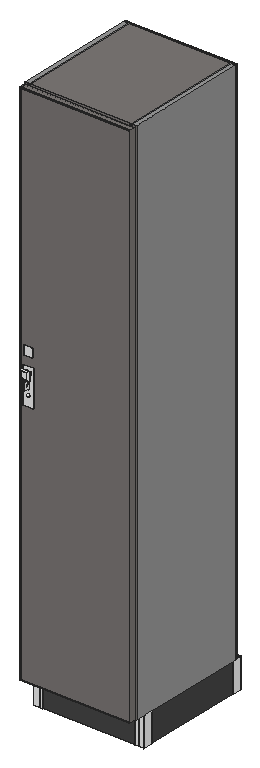
Revit family "Wood_Lockers_Hasps-Salsbury_Industries-15_41000_Series-1_Wide_Units.rfa", category Specialty Equipment, Revit 2016 (continued)
Definition of nested family "Wood Locker Sloping Hoods"
  Types (20): name | Width | Visible | Version | Type Comments | Model | Manufacturer | Height | Description | Depth
    44359 - for 15" Deep Lockers (3 Wide) | 36.000" | yes | "1.0 (12/15/23)" | "Sloping Hood for Premier Wood Lockers" | "44359" | "Salsbury Industries" | 5.743" | "For 15\" D - 3 Wide Lockers" | 14.625"
    44356 - for 18" Deep Lockers (3 Wide) | 36.000" | yes | "1.0 (12/15/23)" | "Sloping Hood for Premier Wood Lockers" | "44356" | "Salsbury Industries" | 6.868" | "For 18\" D - 3 Wide Lockers" | 17.625"
    44354 - for 21" Deep Lockers (3 Wide) | 36.000" | yes | "1.0 (12/15/23)" | "Sloping Hood for Premier Wood Lockers" | "44354" | "Salsbury Industries" | 7.993" | "For 21\" D - 3 Wide Lockers" | 20.625"
    44255 - for 24" Deep Lockers (1 Wide) | 15.000" | yes | "1.0 (12/15/23)" | "Sloping Hood for Premier Wood Lockers" | "44255" | "Salsbury Industries" | 9.118" | "For 24\" D - 1 Wood Lockers" | 23.625"
    442257 - for 24" Deep Lockers (3 Wide) | 45.000" | yes | "1.0 (12/15/23)" | "Sloping Hood for Premier Wod Lockers" | "44257" | "Salsbury Industries" | 9.118" | "For 24\" D - 3 Wide Lockers" | 23.625"
    44252 - for 21" Deep Lockers (1 Wide) | 15.000" | yes | "1.0 (12/15/23)" | "Sloping Hood for 15\" Wide Premier Wood Lockers" | "44252" | "Salsbury Industries" | 7.993" | "For 21\" D - 1 Wide Lockers" | 20.625"
    44254 - for 21" Deep Lockers (3 Wide) | 45.000" | yes | "1.0 (12/15/23)" | "Sloping Hood for 15\" Wide Premier Wood Lockers" | "44254" | "Salsbury Industries" | 7.993" | "For 21\" D - 3 Wide Lockers" | 20.625"
    44251 - for 18" Deep Lockers (1 Wide) | 15.000" | yes | "1.0 (12/15/23)" | "Sloping Hood for 15\"Wide Premier Wood Lockers" | "44251" | "Salsbury Industries" | 6.868" | "For 18\" D - 1 Wide Lockers" | 17.625"
    44253 - for 18" Deep Lockers (3 Wide) | 45.000" | yes | "1.0 (12/15/23)" | "Sloping Hood for 15\" Wide Premier Wood Lockers" | "44253" | "Salsbury Industries" | 6.868" | "For 18\" D - 3 Wide Lockers" | 17.625"
    None | 12.000" | no | "" | "" | "" | "" | 5.743" | "" | 14.625"
    44818 - for 18" Deep Lockers (1 Wide) | 18.000" | yes | "1.0 (12/15/23)" | "Sloping Hood for Premier Wood Lockers" | "44818" | "Salsbury Industries" | 6.868" | "For 18\" D - 1 Wide Lockers" | 17.625"
    44811- for 21" Deep Lockers (1 Wide) | 18.000" | yes | "1.0 (12/15/23)" | "Sloping Hood for Premier Wood Lockers" | "44811" | "Salsbury Industries" | 7.993" | "For 21\" D - 1 Wide Lockers" | 20.625"
    44814- for 24" Deep Lockers (1 Wide) | 18.000" | yes | "1.0 (12/15/23)" | "Sloping Hood for Premier Wood Lockers" | "44814" | "Salsbury Industries" | 9.118" | "For 24\" D - 1 Wide Lockers" | 23.625"
    44838- for 18" Deep Lockers (3 Wide) | 54.000" | yes | "1.0 (12/15/23)" | "Sloping Hood for Premier Wood Lockers" | "44838" | "Salsbury Industries" | 6.868" | "For 18\" D - 3 Wide Lockers" | 17.625"
    44831- for 21" Deep Lockers (3 Wide) | 54.000" | yes | "1.0 (12/15/23)" | "Sloping Hood for Premier Wood Lockers" | "44831" | "Salsbury Industries" | 7.993" | "For 21\" D - 3 Wide Lockers" | 20.625"
    44834- for 24" Deep Lockers (3 Wide) | 54.000" | yes | "1.0 (12/15/23)" | "Sloping Hood for Premier Wood Lockers" | "834" | "Salsbury Industries" | 9.118" | "For 24\" D - 3 Wide Lockers" | 23.625"
  Reference planes (in)
    plane 1 "Center (Front/Back)": y = 0
    plane 2: z = 0
    plane 3 "Center (Left/Right)": x = 0
    plane 4 "Front of Hood": y = -11.8125
    plane 5 "Back of Hood": y = 11.8125
    plane 6 "Right Side of Hood": x = 27
    plane 7 "Left Side of Hood": x = -27
    plane 8 "Bottom of Hood": z = 0
    plane 9 "Top of Hood": z = 9.118
    plane 10: x = 26.25
    plane 11: x = -26.25
    plane 12: y = -11.7815
    plane 13: y = -11.0625
    plane 14: z = 9.087
    plane 15: z = 8.368
    plane 16: z = 0.062
    plane 17: z = 0.75
  Forms (in)
    Extrusion 1, solid, visible <- "Visible"
      sketch origin (27, 0.37227, 0) x (0, -1, 0) y (0, 0, 1)
        loop
          line (-0.26039, 4.07368) -> (-0.26039, 0) -> (0.37227, 0) -> (0.37227, 3.83066) -> (-0.26039, 4.07368)
      from 0 to 54
    Extrusion 2, solid, visible <- "Visible"
      sketch origin (0, 0, 0) x (0, 1, 0) y (0, 0, 1)
        loop
          line (-9.97273, 0) -> (11.8125, 8.368) -> (11.8125, 9.087) -> (-11.73269, 0.062) -> (-11.7815, 0.062) -> (-11.7815, 0) -> (-9.97273, 0)
      from -27 to 27
    Extrusion 3, solid, material <- "Laminate Surface", visible <- "Visible"
      sketch origin (0, 0, 0) x (0, 1, 0) y (0, 0, 1)
        loop
          line (-11.8125, 0.062) -> (-11.8125, 0) -> (-11.7815, 0) -> (-11.7815, 0.062) -> (-11.8125, 0.062)
      from -27 to 27
    Extrusion 4, solid, material <- "Laminate Surface", visible <- "Visible"
      sketch origin (0, 0, 0) x (0, 1, 0) y (0, 0, 1)
        loop
          line (11.8125, 9.118) -> (-11.8125, 0.062) -> (-11.73269, 0.062) -> (11.8125, 9.087) -> (11.8125, 9.118)
      from -27 to 27
  Dimensions and locks (in)
    equal spacing: plane 7 "Left Side of Hood", plane 3 "Center (Left/Right)", plane 6 "Right Side of Hood"
    "Width": plane 7 "Left Side of Hood" to plane 6 "Right Side of Hood"
    equal spacing: plane 4 "Front of Hood", plane 1 "Center (Front/Back)", plane 5 "Back of Hood"
    "Depth": plane 4 "Front of Hood" to plane 5 "Back of Hood"
    "Height": plane 9 "Top of Hood" to plane 8 "Bottom of Hood"
    plane 7 "Left Side of Hood" to plane 11 = 0.750"
    plane 10 to plane 6 "Right Side of Hood" = 0.750"
    plane 4 "Front of Hood" to plane 12 to plane 13 = 0.031" locked, 0.719" locked
    plane 15 to plane 14 to plane 9 "Top of Hood" = 0.719" locked, 0.031" locked
    locked: plane 16 to plane 8 "Bottom of Hood" at 0.062
    locked: plane 17 to plane 8 "Bottom of Hood" at 0.75
    aligned and locked: level to plane 2
    aligned and locked: Extrusion 2 to plane 6 "Right Side of Hood"
    aligned and locked: plane 7 "Left Side of Hood" to Extrusion 2
    aligned and locked: plane 7 "Left Side of Hood" to Extrusion 4
    aligned and locked: Extrusion 4 to plane 6 "Right Side of Hood"
    aligned and locked: Extrusion 3 to plane 6 "Right Side of Hood"
    aligned and locked: plane 7 "Left Side of Hood" to Extrusion 3
    aligned and locked: Extrusion 2 to Extrusion 1 sketch curve
    aligned and locked: plane 7 "Left Side of Hood" to Extrusion 1
    aligned and locked: Extrusion 1 to plane 6 "Right Side of Hood"
  Automatic sketch dimensions
    Extrusion 3 sketch curve to level = 0.000"
    Extrusion 3 sketch curve to plane 4 "Front of Hood" = 0.000"
    Extrusion 3 sketch curve to plane 12 = 0.000"
    plane 16 to Extrusion 3 sketch curve = 0.000"
    Extrusion 4 sketch curve to plane 4 "Front of Hood" = 0.000"
    plane 16 to Extrusion 4 sketch curve = 0.000"
    Extrusion 4 sketch curve to plane 5 "Back of Hood" = 0.000"
    plane 14 to Extrusion 4 sketch curve = 0.000"
    plane 9 "Top of Hood" to Extrusion 4 sketch curve = 0.000"
    Extrusion 4 sketch curve to plane 12 = 0.04881"
    Extrusion 2 sketch curve to level = 0.000"
    Extrusion 2 sketch curve to plane 12 = 0.000"
    plane 16 to Extrusion 2 sketch curve = 0.000"
    Extrusion 2 sketch curve to plane 5 "Back of Hood" = 0.000"
    plane 15 to Extrusion 2 sketch curve = 0.000"
    plane 14 to Extrusion 2 sketch curve = 0.000"
    Extrusion 2 sketch curve to plane 13 = 1.08977"
    Extrusion 2 sketch curve to plane 12 = 0.04881"
    Extrusion 1 sketch curve to level = 0.000"
    Extrusion 1 sketch curve to plane 1 "Center (Front/Back)" = 0.000"
    Extrusion 1 sketch curve to Extrusion 1 sketch curve = 0.24302"
Definition of nested family "Wood Locker Double Side Panels-With Slope"
  Parameters (values of type "44238DE - 6' H for 24"D Lockers")
    Width = 47.250"
    Visible = yes
    Version = "1.0 (12/15/23)"
    Type Comments = "Double End Panel for Premier Wood Lockers"
    Slope Height = 8.895"
    Model = "442386DE"
    Manufacturer = "Salsbury Industries"
    Laminate Surface = none
    Height = 72.153"
    Door Trim = none
    Description = "For 6' H x 21\" D Lockers with Sloping Hood"
    Depth = 0.750"
  Types (6): name | Width | Visible | Version | Type Comments | Slope Height | Model | Manufacturer | Height | Description
    (no name) | 47.250" | yes | "1.0 (12/15/23)" | "Double End Panel for Premier Wood Lockers" | 8.895" | "442386DE" | "Salsbury Industries" | 72.153" | "For 6' H x 21\" D Lockers with Sloping Hood"
    44339DE - 6' H for 15"D Lockers | 29.250" | yes | "1.0 (12/15/23)" | "Double End Panel for Premier Wood Lockers" | 5.681" | "44339DE" | "Salsbury Industries" | 72.062" | "For 6' H x 15\" D Lockers with Sloping Hood"
    44334DE - 6' H  for 18" D Lockers | 35.250" | yes | "1.0 (12/15/23)" | "Double End Panel for Premier Wood Lockers" | 6.806" | "44334DE" | "Salsbury Industries" | 72.062" | "For 6' H x 18\" D Lockers with Sloping Hood"
    44336DE - 6' H for 21" D Lockers | 41.250" | yes | "1.0 (12/15/23)" | "Double End Panel for Premier Wood Lockers" | 7.931" | "44336DE" | "Salsbury Industries" | 72.062" | "For 6' H x 21\" D Lockers with Sloping Hood"
    None | 14.000" | no | "" | "" | 5.500" | "" | "" | 72.000" | ""
    44238DE - 6' H for 24"D Lockers | 47.250" | yes | "1.0 (12/15/23)" | "Double End Panel for Premier Wood Lockers" | 8.895" | "442386DE" | "Salsbury Industries" | 72.153" | "For 6' H x 21\" D Lockers with Sloping Hood"
  Reference planes (in)
    plane 1 "Center (Front/Back)": y = 0
    plane 2: z = 0
    plane 3 "Center (Left/Right)": x = 0
    plane 4 "Back": y = 0.375
    plane 5 "Front": y = -0.375
    plane 6 "Left Side": x = -23.625
    plane 7 "Right Side": x = 23.625
    plane 8 "Bottom": z = 0
    plane 9 "Top": z = 72.153
    plane 10 "Center Elevation": z = 36.0765
    plane 11 "Wood - Laminate Edge": y = -0.344
    plane 12 "Right Side of Wood": x = 23.594
    plane 13 "Left Side of Wood": x = -23.594
    plane 14 "Top of Wood": z = 72.028
    plane 15 "Bottom of Wood": z = 0.125
    plane 16: z = 81.048
    plane 17: z = 81.017
  Forms (in)
    Extrusion 1, solid, visible <- "Visible"
      sketch origin (0, 0.375, 0) x (1, 0, 0) y (0, 0, 1)
        loop
          line (23.594, 72.122) -> (0, 81.017) -> (-23.594, 72.122) -> (-23.594, 0) -> (23.594, 0) -> (23.594, 72.122)
      from 0 to 0.719
    Extrusion 2, solid, material <- "Laminate Surface", visible <- "Visible"
      sketch origin (0, -0.375, 0) x (1, 0, 0) y (0, 0, 1)
        loop
          line (23.625, 0) -> (23.625, 72.153) -> (0, 81.048) -> (-23.625, 72.153) -> (-23.625, 0) -> (23.625, 0)
      from -0.031 to 0
    Extrusion 3, solid, material <- "Laminate Surface", visible <- "Visible"
      sketch origin (0, 0.375, 0) x (1, 0, 0) y (0, 0, 1)
        loop
          line (23.625, 0) -> (23.625, 72.153) -> (0, 81.048) -> (-23.625, 72.153) -> (-23.625, 0) -> (-23.594, 0) -> (-23.594, 72.122) -> (0, 81.017) -> (23.594, 72.122) -> (23.594, 0) -> (23.625, 0)
      from 0 to 0.719
  Dimensions and locks (in)
    equal spacing: plane 6 "Left Side", plane 3 "Center (Left/Right)", plane 7 "Right Side"
    plane 5 "Front" to plane 1 "Center (Front/Back)" to plane 4 "Back" = 0.375", 0.375"
    "Width": plane 6 "Left Side" to plane 7 "Right Side"
    "Depth": plane 5 "Front" to plane 4 "Back"
    equal spacing: plane 9 "Top", plane 10 "Center Elevation", plane 8 "Bottom"
    "Height": plane 9 "Top" to plane 8 "Bottom"
    locked: plane 5 "Front" to plane 11 "Wood - Laminate Edge" at 0.031
    locked: plane 15 "Bottom of Wood" to plane 8 "Bottom" at 0.125
    locked: plane 12 "Right Side of Wood" to plane 7 "Right Side" at 0.031
    locked: plane 6 "Left Side" to plane 13 "Left Side of Wood" at 0.031
    locked: plane 9 "Top" to plane 14 "Top of Wood" at 0.125
    "Slope Height": plane 16 to plane 9 "Top"
    locked: plane 16 to plane 17 at 0.031
    aligned and locked: level to plane 2
    aligned and locked: Extrusion 3 to plane 4 "Back"
    aligned and locked: plane 11 "Wood - Laminate Edge" to Extrusion 3
  Automatic sketch dimensions
    plane 6 "Left Side" to Extrusion 2 sketch curve = 0.000"
    Extrusion 2 sketch curve to plane 3 "Center (Left/Right)" = 0.000"
    plane 7 "Right Side" to Extrusion 2 sketch curve = 0.000"
    Extrusion 2 sketch curve to level = 0.000"
    Extrusion 2 sketch curve to plane 9 "Top" = 0.000"  (x2)
    Extrusion 2 sketch curve to plane 16 = 0.000"
    Extrusion 1 sketch curve to level = 0.000"
    plane 13 "Left Side of Wood" to Extrusion 1 sketch curve = 0.000"
    Extrusion 1 sketch curve to plane 3 "Center (Left/Right)" = 0.000"
    plane 12 "Right Side of Wood" to Extrusion 1 sketch curve = 0.000"
    Extrusion 1 sketch curve to plane 17 = 0.000"
    plane 9 "Top" to Extrusion 1 sketch curve = 0.031"  (x2)
    Extrusion 3 sketch curve to level = 0.000"  (x2)
    plane 6 "Left Side" to Extrusion 3 sketch curve = 0.000"
    plane 13 "Left Side of Wood" to Extrusion 3 sketch curve = 0.000"
    Extrusion 3 sketch curve to plane 3 "Center (Left/Right)" = 0.000"  (x2)
    plane 12 "Right Side of Wood" to Extrusion 3 sketch curve = 0.000"
    plane 7 "Right Side" to Extrusion 3 sketch curve = 0.000"
    Extrusion 3 sketch curve to plane 9 "Top" = 0.000"  (x2)
    plane 9 "Top" to Extrusion 3 sketch curve = 0.031"  (x2)
    Extrusion 3 sketch curve to plane 17 = 0.000"
    Extrusion 3 sketch curve to plane 16 = 0.000"
Definition of nested family "Wood Locker Side Panels-No Slope"
  Parameters (values of type "44237 - 6' H for 24"D Lockers")
    Width = 23.625"
    Visible = yes
    Version = "1.0 (12/15/23)"
    Type Comments = "Side Panel for Premier Wood Lockers without Sloping Hood"
    Model = "44237"
    Manufacturer = "Salsbury Industries"
    Laminate Surface = none
    Height = 72.000"
    Door Trim = none
    Description = "6' H for 21\" D Lockers"
    Depth = 0.750"
  Types (6): name | Width | Visible | Version | Type Comments | Model | Manufacturer | Description
    (no name) | 23.625" | yes | "1.0 (12/15/23)" | "Side Panel for Premier Wood Lockers without Sloping Hood" | "44237" | "Salsbury Industries" | "6' H for 21\" D Lockers"
    44330 - 6' H for 15"D Lockers | 14.625" | yes | "1.0 (12/15/23)" | "Side Panel for Premier Wood Lockers without Sloping Hood" | "44330" | "Salsbury Industries" | "6' H for 15\" D Lockers"
    44333 - 6' H for 18" D Lockers | 17.625" | yes | "1.0 (12/15/23)" | "Side Panel for Premier Wood Lockers withouth Sloping Hood" | "44333" | "Salsbury Industries" | "6' H for 18\" D Lockers"
    44335 - 6' H for 21" D Lockers | 20.625" | yes | "1.0 (12/15/23)" | "Side Panel for Premier Wood Lockers without Sloping Hood" | "44335" | "Salsbury Industries" | "6' H for 21\" D Lockers"
    None | 14.000" | no | "" | "" | "" | "" | ""
    44237 - 6' H for 24"D Lockers | 23.625" | yes | "1.0 (12/15/23)" | "Side Panel for Premier Wood Lockers without Sloping Hood" | "44237" | "Salsbury Industries" | "6' H for 21\" D Lockers"
  Reference planes (in)
    plane 1 "Center (Front/Back)": y = 0
    plane 2: z = 0
    plane 3 "Center (Left/Right)": x = 0
    plane 4 "Back": y = 0.375
    plane 5 "Front": y = -0.375
    plane 6 "Left Side": x = -11.8125
    plane 7 "Right Side": x = 11.8125
    plane 8 "Bottom": z = 0
    plane 9 "Top": z = 72
    plane 10 "Center Elevation": z = 36
    plane 11 "Wood - Laminate Edge": y = -0.344
    plane 12 "Right Side of Wood": x = 11.7815
    plane 13 "Left Side of Wood": x = -11.7815
    plane 14 "Top of Wood": z = 71.969
    plane 15 "Bottom of Wood": z = 0.031
  Forms (in)
    Extrusion 1, solid, visible <- "Visible"
      sketch origin (0, 0.375, 0) x (1, 0, 0) y (0, 0, 1)
        loop
          line (11.7815, 71.969) -> (-11.7815, 71.969) -> (-11.7815, 0.031) -> (11.7815, 0.031) -> (11.7815, 71.969)
      from 0 to 0.719
    Extrusion 2, solid, material <- "Laminate Surface", visible <- "Visible"
      sketch origin (0, -0.375, 0) x (1, 0, 0) y (0, 0, 1)
        loop
          line (-11.8125, 72) -> (-11.8125, 0) -> (11.8125, 0) -> (11.8125, 72) -> (-11.8125, 72)
      from -0.031 to 0
    Extrusion 3, solid, material <- "Laminate Surface", visible <- "Visible"
      sketch origin (0, 0, 0) x (1, 0, 0) y (0, 0, 1)
        loop
          line (-11.8125, 0) -> (11.8125, 0) -> (11.8125, 72) -> (-11.8125, 72) -> (-11.8125, 0)
        loop
          line (-11.7815, 0.031) -> (11.7815, 0.031) -> (11.7815, 71.969) -> (-11.7815, 71.969) -> (-11.7815, 0.031)
      from -0.375 to 0.344
  Dimensions and locks (in)
    equal spacing: plane 6 "Left Side", plane 3 "Center (Left/Right)", plane 7 "Right Side"
    plane 5 "Front" to plane 1 "Center (Front/Back)" to plane 4 "Back" = 0.375", 0.375"
    "Width": plane 6 "Left Side" to plane 7 "Right Side"
    "Depth": plane 5 "Front" to plane 4 "Back"
    equal spacing: plane 9 "Top", plane 10 "Center Elevation", plane 8 "Bottom"
    "Height": plane 9 "Top" to plane 8 "Bottom"
    locked: plane 5 "Front" to plane 11 "Wood - Laminate Edge" at 0.031
    locked: plane 15 "Bottom of Wood" to plane 8 "Bottom" at 0.031
    locked: plane 12 "Right Side of Wood" to plane 7 "Right Side" at 0.031
    locked: plane 6 "Left Side" to plane 13 "Left Side of Wood" at 0.031
    locked: plane 9 "Top" to plane 14 "Top of Wood" at 0.031
    aligned and locked: level to plane 2
    aligned and locked: Extrusion 2 sketch curve to plane 7 "Right Side"
    aligned and locked: plane 8 "Bottom" to Extrusion 2 sketch curve
    aligned and locked: plane 6 "Left Side" to Extrusion 2 sketch curve
    aligned and locked: plane 9 "Top" to Extrusion 2 sketch curve
    aligned and locked: Extrusion 3 to plane 4 "Back"
    aligned and locked: plane 11 "Wood - Laminate Edge" to Extrusion 3
  Automatic sketch dimensions
    plane 13 "Left Side of Wood" to Extrusion 1 sketch curve = 0.000"
    plane 12 "Right Side of Wood" to Extrusion 1 sketch curve = 0.000"
    Extrusion 1 sketch curve to plane 15 "Bottom of Wood" = 0.000"
    Extrusion 1 sketch curve to plane 14 "Top of Wood" = 0.000"
    plane 13 "Left Side of Wood" to Extrusion 3 sketch curve = 0.000"
    Extrusion 3 sketch curve to level = 0.000"
    plane 13 "Left Side of Wood" to Extrusion 3 sketch curve = 0.031"
    plane 12 "Right Side of Wood" to Extrusion 3 sketch curve = 0.000"
    plane 7 "Right Side" to Extrusion 3 sketch curve = 0.000"
    Extrusion 3 sketch curve to plane 15 "Bottom of Wood" = 0.000"
    Extrusion 3 sketch curve to plane 14 "Top of Wood" = 0.000"
    Extrusion 3 sketch curve to plane 9 "Top" = 0.000"
Definition of nested family "Wood Locker Double Side Panels-No Slope"
  Parameters (values of type "44237DE - 6' H for 24"D Lockers")
    Width = 47.250"
    Visible = yes
    Version = "1.0 (12/15/23)"
    Type Comments = "Double End Panel for Premier Wood Lockers"
    Model = "44237DE"
    Manufacturer = "Salsbury Industries"
    Laminate Surface = none
    Height = 72.000"
    Door Trim = none
    Description = "For 6' H x 21\" D without Sloping Hood"
    Depth = 0.750"
  Types (6): name | Width | Visible | Version | Type Comments | Model | Manufacturer | Description
    (no name) | 47.250" | yes | "1.0 (12/15/23)" | "Double End Panel for Premier Wood Lockers" | "44237DE" | "Salsbury Industries" | "For 6' H x 21\" D without Sloping Hood"
    44330DE - 6' H for 15"D Lockers | 29.250" | yes | "1.0 (12/15/23)" | "Double End Panel for Premier Wood Lockers" | "44330DE" | "Salsbury Industries" | "For 6' H x 15\" D without Sloping Hood"
    44333DE - 6' H for 18" D Lockers | 35.250" | yes | "1.0 (12/15/23)" | "Double End Panel for Premier Wood Lockers" | "44333DE" | "Salsbury Industries" | "For 6' H x 18\" D without Sloping Hood"
    44335DE - 6' H for 21" D Lockers | 41.250" | yes | "1.0 (12/15/23)" | "Double End Panel for Premier Wood Lockers" | "44335DE" | "Salsbury Industries" | "For 6' H x 21\" D without Sloping Hood"
    None | 14.000" | no | "" | "" | "" | "" | ""
    44237DE - 6' H for 24"D Lockers | 47.250" | yes | "1.0 (12/15/23)" | "Double End Panel for Premier Wood Lockers" | "44237DE" | "Salsbury Industries" | "For 6' H x 21\" D without Sloping Hood"
  Reference planes (in)
    plane 1 "Center (Front/Back)": y = 0
    plane 2: z = 0
    plane 3 "Center (Left/Right)": x = 0
    plane 4 "Back": y = 0.375
    plane 5 "Front": y = -0.375
    plane 6 "Left Side": x = -23.625
    plane 7 "Right Side": x = 23.625
    plane 8 "Bottom": z = 0
    plane 9 "Top": z = 72
    plane 10 "Center Elevation": z = 36
    plane 11 "Wood - Laminate Edge": y = -0.344
    plane 12 "Right Side of Wood": x = 23.594
    plane 13 "Left Side of Wood": x = -23.594
    plane 14 "Top of Wood": z = 71.969
    plane 15 "Bottom of Wood": z = 0.031
  Forms (in)
    Extrusion 1, solid, visible <- "Visible"
      sketch origin (0, 0.375, 0) x (1, 0, 0) y (0, 0, 1)
        loop
          line (23.594, 71.969) -> (-23.594, 71.969) -> (-23.594, 0.031) -> (23.594, 0.031) -> (23.594, 71.969)
      from 0 to 0.719
    Extrusion 2, solid, material <- "Laminate Surface", visible <- "Visible"
      sketch origin (0, -0.375, 0) x (1, 0, 0) y (0, 0, 1)
        loop
          line (-23.625, 72) -> (-23.625, 0) -> (23.625, 0) -> (23.625, 72) -> (-23.625, 72)
      from -0.031 to 0
    Extrusion 3, solid, material <- "Laminate Surface", visible <- "Visible"
      sketch origin (0, 0, 0) x (1, 0, 0) y (0, 0, 1)
        loop
          line (-23.625, 0) -> (23.625, 0) -> (23.625, 72) -> (-23.625, 72) -> (-23.625, 0)
        loop
          line (23.594, 71.969) -> (-23.594, 71.969) -> (-23.594, 0.031) -> (23.594, 0.031) -> (23.594, 71.969)
      from -0.375 to 0.344
  Dimensions and locks (in)
    equal spacing: plane 6 "Left Side", plane 3 "Center (Left/Right)", plane 7 "Right Side"
    plane 5 "Front" to plane 1 "Center (Front/Back)" to plane 4 "Back" = 0.375", 0.375"
    "Width": plane 6 "Left Side" to plane 7 "Right Side"
    "Depth": plane 5 "Front" to plane 4 "Back"
    equal spacing: plane 9 "Top", plane 10 "Center Elevation", plane 8 "Bottom"
    "Height": plane 9 "Top" to plane 8 "Bottom"
    locked: plane 5 "Front" to plane 11 "Wood - Laminate Edge" at 0.031
    locked: plane 15 "Bottom of Wood" to plane 8 "Bottom" at 0.031
    plane 12 "Right Side of Wood" to plane 7 "Right Side" = 0.031"
    locked: plane 6 "Left Side" to plane 13 "Left Side of Wood" at 0.031
    locked: plane 9 "Top" to plane 14 "Top of Wood" at 0.031
    aligned and locked: level to plane 2
    aligned and locked: Extrusion 2 sketch curve to plane 8 "Bottom"
    aligned and locked: plane 6 "Left Side" to Extrusion 2 sketch curve
    aligned and locked: Extrusion 2 sketch curve to plane 7 "Right Side"
    aligned and locked: Extrusion 2 sketch curve to plane 9 "Top"
    aligned and locked: Extrusion 3 to plane 4 "Back"
    aligned and locked: plane 11 "Wood - Laminate Edge" to Extrusion 3
  Automatic sketch dimensions
    plane 13 "Left Side of Wood" to Extrusion 1 sketch curve = 0.000"
    plane 12 "Right Side of Wood" to Extrusion 1 sketch curve = 0.000"
    Extrusion 1 sketch curve to plane 15 "Bottom of Wood" = 0.000"
    Extrusion 1 sketch curve to plane 14 "Top of Wood" = 0.000"
    Extrusion 3 sketch curve to level = 0.000"
    plane 6 "Left Side" to Extrusion 3 sketch curve = 0.000"
    plane 7 "Right Side" to Extrusion 3 sketch curve = 0.000"
    Extrusion 3 sketch curve to plane 9 "Top" = 0.000"
    plane 13 "Left Side of Wood" to Extrusion 3 sketch curve = 0.000"
    Extrusion 3 sketch curve to plane 15 "Bottom of Wood" = 0.000"
    Extrusion 3 sketch curve to plane 14 "Top of Wood" = 0.000"
    plane 12 "Right Side of Wood" to Extrusion 3 sketch curve = 0.000"
Definition of nested family "Wood Locker Sloping In-Line Fillers"
  Parameters (values of type "44489 - 15" W for 24" D Lockers")
    Width = 15.000"
    Visible = yes
    Version = "1.0 (12/15/23)"
    Type Comments = "Sloping Hood In-Line Filler for Premier Wood Lockers"
    Model = "44489"
    Manufacturer = "Salsbury Industries"
    Laminate Surface = none
    Height = 9.118"
    Description = "For 24\" D Lockers"
    Depth = 23.625"
  Types (10): name | Width | Visible | Version | Type Comments | Model | Manufacturer | Height | Description | Depth
    (no name) | 15.000" | yes | "1.0 (12/15/23)" | "Sloping Hood In-Line Filler for Premier Wood Lockers" | "44489" | "Salsbury Industries" | 9.118" | "For 24\" D Lockers" | 23.625"
    44487 - 15" W for 15" D Lockers | 15.000" | yes | "1.0 (12/15/23)" | "Sloping Hood In-Line Filler for Premier Wood Lockers" | "44487" | "Salsbury Industries" | 5.743" | "For 15\" D Lockers" | 14.625"
    44488 - 15" W for 18" D Lockers | 15.000" | yes | "1.0 (12/15/23)" | "Sloping Hood In-Line Filler for Premier Wood Lockers" | "44488" | "Salsbury Industries" | 6.868" | "For 18\" D Lockers" | 17.625"
    44481 - 15" W for 21" D Lockers | 15.000" | yes | "1.0 (12/15/23)" | "Sloping Hood In-Line Filler for Premier Wood Lockers" | "44481" | "Salsbury Industries" | 7.993" | "For 21\" D Lockers" | 20.625"
    None | 12.000" | no | "" | "" | "" | "" | 5.500" | "" | 14.000"
    44489 - 15" W for 24" D Lockers | 15.000" | yes | "1.0 (12/15/23)" | "Sloping Hood In-Line Filler for Premier Wood Lockers" | "44489" | "Salsbury Industries" | 9.118" | "For 24\" D Lockers" | 23.625"
    44488 - 9" W for 18" D Lockers | 9.000" | yes | "1.0 (12/15/23)" | "Sloping Hood In-Line Filler for Premier Wood Lockers" | "44488" | "Salsbury Industries" | 6.868" | "For 18\" D Lockers" | 17.625"
    44487 - 9" W for 15" D Lockers | 9.000" | yes | "1.0 (12/15/23)" | "Sloping Hood In-Line Filler for Premier Wood Lockers" | "44487" | "Salsbury Industries" | 5.743" | "For 15\" D Lockers" | 14.625"
    44481 - 9" W for 21" D Lockers | 9.000" | yes | "1.0 (12/15/23)" | "Sloping Hood In-Line Filler for Premier Wood Lockers" | "44481" | "Salsbury Industries" | 7.993" | "For 21\" D Lockers" | 20.625"
    44489 - 9" W for 24" D Lockers | 9.000" | yes | "1.0 (12/15/23)" | "Sloping Hood In-Line Filler for Premier Wood Lockers" | "44489" | "Salsbury Industries" | 9.118" | "For 24\" D Lockers" | 23.625"
  Reference planes (in)
    plane 1 "Center (Front/Back)": y = 0
    plane 2: z = 0
    plane 3 "Center (Left/Right)": x = 0
    plane 4 "Front of Hood": y = -11.8125
    plane 5 "Back of Hood": y = 11.8125
    plane 6 "Right Side of Hood": x = 7.5
    plane 7 "Left Side of Hood": x = -7.5
    plane 8 "Bottom of Hood": z = 0
    plane 9 "Top of Hood": z = 9.118
    plane 10: x = 6.75
    plane 11: x = -6.75
    plane 12: y = -11.7815
    plane 13: y = -11.0625
    plane 14: z = 9.087
    plane 15: z = 8.368
    plane 16: z = 0.062
    plane 17: z = 0.75
  Forms (in)
    Extrusion 1, solid, visible <- "Visible"
      sketch origin (0, 0, 0) x (0, 1, 0) y (0, 0, 1)
        loop
          line (-9.97273, 0) -> (11.8125, 8.368) -> (11.8125, 9.087) -> (-11.73269, 0.062) -> (-11.7815, 0.062) -> (-11.7815, 0) -> (-9.97273, 0)
      from -7.5 to 7.5
    Extrusion 2, solid, material <- "Laminate Surface", visible <- "Visible"
      sketch origin (0, 0, 0) x (0, 1, 0) y (0, 0, 1)
        loop
          line (-11.8125, 0.062) -> (-11.8125, 0) -> (-11.7815, 0) -> (-11.7815, 0.062) -> (-11.8125, 0.062)
      from -7.5 to 7.5
    Extrusion 3, solid, material <- "Laminate Surface", visible <- "Visible"
      sketch origin (0, 0, 0) x (0, 1, 0) y (0, 0, 1)
        loop
          line (11.8125, 9.118) -> (-11.8125, 0.062) -> (-11.73269, 0.062) -> (11.8125, 9.087) -> (11.8125, 9.118)
      from -7.5 to 7.5
  Dimensions and locks (in)
    equal spacing: plane 7 "Left Side of Hood", plane 3 "Center (Left/Right)", plane 6 "Right Side of Hood"
    "Width": plane 7 "Left Side of Hood" to plane 6 "Right Side of Hood"
    equal spacing: plane 4 "Front of Hood", plane 1 "Center (Front/Back)", plane 5 "Back of Hood"
    "Depth": plane 4 "Front of Hood" to plane 5 "Back of Hood"
    "Height": plane 9 "Top of Hood" to plane 8 "Bottom of Hood"
    plane 7 "Left Side of Hood" to plane 11 = 0.750"
    plane 10 to plane 6 "Right Side of Hood" = 0.750"
    plane 4 "Front of Hood" to plane 12 to plane 13 = 0.031" locked, 0.719" locked
    plane 15 to plane 14 to plane 9 "Top of Hood" = 0.719" locked, 0.031" locked
    locked: plane 16 to plane 8 "Bottom of Hood" at 0.062
    locked: plane 17 to plane 8 "Bottom of Hood" at 0.75
    aligned and locked: level to plane 2
    aligned and locked: Extrusion 1 to plane 6 "Right Side of Hood"
    aligned and locked: plane 7 "Left Side of Hood" to Extrusion 1
    aligned and locked: plane 7 "Left Side of Hood" to Extrusion 3
    aligned and locked: Extrusion 3 to plane 6 "Right Side of Hood"
    aligned and locked: Extrusion 2 to plane 6 "Right Side of Hood"
    aligned and locked: plane 7 "Left Side of Hood" to Extrusion 2
  Automatic sketch dimensions
    Extrusion 2 sketch curve to level = 0.000"
    Extrusion 2 sketch curve to plane 4 "Front of Hood" = 0.000"
    Extrusion 2 sketch curve to plane 12 = 0.000"
    plane 16 to Extrusion 2 sketch curve = 0.000"
    Extrusion 3 sketch curve to plane 4 "Front of Hood" = 0.000"
    plane 16 to Extrusion 3 sketch curve = 0.000"
    Extrusion 3 sketch curve to plane 5 "Back of Hood" = 0.000"
    plane 14 to Extrusion 3 sketch curve = 0.000"
    plane 9 "Top of Hood" to Extrusion 3 sketch curve = 0.000"
    Extrusion 3 sketch curve to plane 12 = 0.04881"
    Extrusion 1 sketch curve to level = 0.000"
    Extrusion 1 sketch curve to plane 12 = 0.000"
    plane 16 to Extrusion 1 sketch curve = 0.000"
    Extrusion 1 sketch curve to plane 5 "Back of Hood" = 0.000"
    plane 15 to Extrusion 1 sketch curve = 0.000"
    plane 14 to Extrusion 1 sketch curve = 0.000"
    Extrusion 1 sketch curve to plane 13 = 1.08977"
    Extrusion 1 sketch curve to plane 12 = 0.04881"
Definition of nested family "Wood Locker Sloping Corner Fillers"
  Parameters (values of type "44478 - for 18" D Lockers")
    Width = 19.875"
    Visible = yes
    Version = "1.0 (12/15/23)"
    Type Comments = "Sloping Hood Corner Filler for Premier Wood Lockers"
    Model = "44488"
    Manufacturer = "Salsbury Industries"
    Laminate Surface = none
    Height = 6.868"
    Description = "For 18\" D Lockers"
    Depth = 19.875"
  Types (6): name | Width | Visible | Version | Type Comments | Model | Manufacturer | Height | Description | Depth
    (no name) | 19.875" | yes | "1.0 (12/15/23)" | "Sloping Hood Corner Filler for Premier Wood Lockers" | "44488" | "Salsbury Industries" | 6.868" | "For 18\" D Lockers" | 19.875"
    44477 - for 15" D Lockers | 16.875" | yes | "1.0 (12/15/23)" | "Sloping Hood Corner Filler for Premier Wood Lockers" | "44487" | "Salsbury Industries" | 5.743" | "For 15\" D Lockers" | 16.875"
    44478 - for 18" D Lockers | 19.875" | yes | "1.0 (12/15/23)" | "Sloping Hood Corner Filler for Premier Wood Lockers" | "44488" | "Salsbury Industries" | 6.868" | "For 18\" D Lockers" | 19.875"
    44471- for 21" D Lockers | 22.875" | yes | "1.0 (12/15/23)" | "Sloping Hood Corner Filler for Premier Wood Lockers" | "44481" | "Salsbury Industries" | 7.993" | "For 21\" D Lockers" | 22.875"
    44479- for 24" D Lockers | 25.875" | yes | "1.0 (12/15/23)" | "Sloping Hood Corner Filler for Premier Wood Lockers" | "44489" | "Salsbury Industries" | 9.118" | "For 24\" D Lockers" | 25.875"
    None | 16.875" | no | "" | "" | "" | "" | 5.743" | "" | 16.875"
  Reference planes (in)
    plane 1 "Center (Front/Back)": y = -0.8125
    plane 2: z = 0
    plane 3 "Center (Left/Right)": x = 0.8125
    plane 4 "Front of Hood": y = -8.5
    plane 5 "Right Side of Hood": x = 8.5
    plane 6 "Bottom of Hood": z = 0
    plane 7 "Black Trim Line": y = -8.469
    plane 8: z = 0.062
    plane 9: z = 0.75
    plane 10 "New Back of Hood": y = 9.125
    plane 11 "New Front of Hood": y = -10.75
    plane 12 "New Left Side": x = -9.125
    plane 13 "New Right Side": x = 10.75
    plane 14 "Top": z = 6.868
    plane 15: x = 8.469
  Forms (in)
    Extrusion 1, solid, visible <- "Visible"
      sketch origin (0.8125, 0, 0) x (0, 1, 0) y (0, 0, 1)
        loop
          line (-6.66023, 0) -> (9.125, 6.11937) -> (9.125, 6.837) -> (-8.42019, 0.062) -> (-8.469, 0.062) -> (-8.469, 0) -> (-6.66023, 0)
      from -9.9375 to 9.9375
    Extrusion 2, solid, material <- "Laminate Surface", visible <- "Visible"
      sketch origin (0.8125, 0, 0.00023) x (0, 1, 0) y (0, 0, 1)
        loop
          line (9.125, 6.86777) -> (-8.5, 0.06177) -> (-8.42019, 0.06177) -> (9.125, 6.83677) -> (9.125, 6.86777)
      from -9.9375 to 9.9375
    Extrusion 3, void
      sketch origin (0, 0, 0) x (0, -1, 0) y (1, 0, 0)
        loop
          line (8.5, 8.5) -> (-9.125, -9.125) -> (8.5, -9.125) -> (8.5, 8.5)
      from 0 to 6.868
    Extrusion 4, solid, material <- "Laminate Surface", visible <- "Visible"
      sketch origin (10.75, 0, 0) x (0, -1, 0) y (0, 0, 1)
        loop
          line (8.5, 0) -> (8.5, 0.062) -> (8.469, 0.062) -> (8.469, 0) -> (8.5, 0)
      from 0 to 2.25
    Extrusion 5, solid, visible <- "Visible"
      sketch origin (-1.125, -0.8125, 0) x (1, 0, 0) y (0, 0, 1)
        loop
          line (7.78523, 0) -> (9.594, 0) -> (9.594, 0.062) -> (9.54519, 0.062) -> (-8, 6.837) -> (-8, 6.11937) -> (7.78523, 0)
      from -9.9375 to 9.9375
    Extrusion 6, solid, material <- "Laminate Surface", visible <- "Visible"
      sketch origin (-1.125, -0.8125, 0) x (1, 0, 0) y (0, 0, 1)
        loop
          line (-8, 6.868) -> (-8, 6.837) -> (9.54519, 0.062) -> (9.625, 0.062) -> (-8, 6.868)
      from -9.9375 to 9.9375
    Extrusion 7, solid, material <- "Laminate Surface", visible <- "Visible"
      sketch origin (0, -8.5, 0) x (1, 0, 0) y (0, 0, 1)
        loop
          line (8.5, 0) -> (8.5, 0.062) -> (8.469, 0.062) -> (8.469, 0) -> (8.5, 0)
      from 0 to 2.25
    Extrusion 8, void
      sketch origin (10.75, 0, 0) x (0, -1, 0) y (0, 0, 1)
        loop
          line (-9.125, 0) -> (6.66023, 0) -> (-9.125, 6.11937) -> (-9.125, 0)
      from 0 to 19.875
  Cuts and joins
    Extrusion 3, Extrusion 8 cuts Extrusion 1
    Extrusion 3 cuts Extrusion 2
    Extrusion 8 cuts Extrusion 5
    Extrusion 8 cuts Extrusion 6
  Dimensions and locks (in)
    locked: plane 4 "Front of Hood" to plane 7 "Black Trim Line" at 0.031
    locked: plane 8 to plane 6 "Bottom of Hood" at 0.062
    locked: plane 9 to plane 6 "Bottom of Hood" at 0.75
    "Height": plane 14 "Top" to plane 6 "Bottom of Hood"
    "Width": plane 12 "New Left Side" to plane 13 "New Right Side"
    "Depth": plane 11 "New Front of Hood" to plane 10 "New Back of Hood"
    equal spacing: plane 12 "New Left Side", plane 3 "Center (Left/Right)", plane 13 "New Right Side"
    equal spacing: plane 11 "New Front of Hood", plane 1 "Center (Front/Back)", plane 10 "New Back of Hood"
    locked: plane 5 "Right Side of Hood" to plane 13 "New Right Side" at 2.25
    locked: plane 11 "New Front of Hood" to plane 4 "Front of Hood" at 2.25
    locked: plane 15 to plane 5 "Right Side of Hood" at 0.031
    aligned and locked: level to plane 2
    aligned and locked: plane 12 "New Left Side" to Extrusion 3
    aligned and locked: Extrusion 2 to plane 13 "New Right Side"
    aligned and locked: plane 12 "New Left Side" to cut or joined group of Extrusion 2, Extrusion 3
    aligned and locked: cut or joined group of Extrusion 2, Extrusion 3 to plane 10 "New Back of Hood"
    aligned and locked: plane 12 "New Left Side" to cut or joined group of Extrusion 1, Extrusion 3, Extrusion 8
    aligned and locked: cut or joined group of Extrusion 1, Extrusion 3, Extrusion 8 to plane 13 "New Right Side"
    aligned and locked: cut or joined group of Extrusion 1, Extrusion 3, Extrusion 8 to plane 10 "New Back of Hood"  (x2)
    aligned and locked: plane 4 "Front of Hood" to cut or joined group of Extrusion 2, Extrusion 3
    aligned and locked: Extrusion 3 to cut or joined group of Extrusion 2, Extrusion 3
    aligned and locked: plane 13 "New Right Side" to cut or joined group of Extrusion 1, Extrusion 3, Extrusion 8
    aligned and locked: plane 5 "Right Side of Hood" to Extrusion 4
    aligned and locked: Extrusion 8 to Extrusion 1  (x2)
    aligned and locked: Extrusion 1 to Extrusion 8
    aligned and locked: cut or joined group of Extrusion 1, Extrusion 3, Extrusion 8 to Extrusion 6
    aligned and locked: plane 11 "New Front of Hood" to Extrusion 6
    aligned and locked: plane 12 "New Left Side" to Extrusion 6
    aligned and locked: plane 11 "New Front of Hood" to Extrusion 5
    aligned and locked: plane 12 "New Left Side" to Extrusion 5
    aligned and locked: cut or joined group of Extrusion 1, Extrusion 3, Extrusion 8 to Extrusion 5
  Automatic sketch dimensions
    Extrusion 1 sketch curve to level = 0.000"
    Extrusion 1 sketch curve to plane 7 "Black Trim Line" = 0.000"
    plane 8 to Extrusion 1 sketch curve = 0.000"
    Extrusion 1 sketch curve to plane 10 "New Back of Hood" = 0.000"
    Extrusion 1 sketch curve to Extrusion 1 sketch curve = 0.04881"
    Extrusion 1 sketch curve to Extrusion 1 sketch curve = 1.75996"
    plane 14 "Top" to Extrusion 1 sketch curve = 0.74863"
    plane 14 "Top" to Extrusion 1 sketch curve = 0.031"
    Extrusion 2 sketch curve to plane 4 "Front of Hood" = 0.000"
    plane 8 to Extrusion 2 sketch curve = 0.000"
    Extrusion 2 sketch curve to plane 10 "New Back of Hood" = 0.000"
    plane 14 "Top" to Extrusion 2 sketch curve = 0.000"
    Extrusion 2 sketch curve to plane 7 "Black Trim Line" = 0.04881"
    plane 14 "Top" to Extrusion 2 sketch curve = 0.031"
    plane 10 "New Back of Hood" to Extrusion 3 sketch curve = 0.000"
    plane 4 "Front of Hood" to Extrusion 3 sketch curve = 0.000"
    Extrusion 3 sketch curve to plane 12 "New Left Side" = 0.000"
    Extrusion 3 sketch curve to plane 5 "Right Side of Hood" = 0.000"
    Extrusion 4 sketch curve to level = 0.000"
    Extrusion 4 sketch curve to plane 7 "Black Trim Line" = 0.000"
    Extrusion 4 sketch curve to plane 4 "Front of Hood" = 0.000"
    plane 8 to Extrusion 4 sketch curve = 0.000"
    Extrusion 5 sketch curve to level = 0.000"
    Extrusion 5 sketch curve to plane 8 = 0.000"
    plane 14 "Top" to Extrusion 5 sketch curve = 0.031"
    Extrusion 5 sketch curve to plane 12 "New Left Side" = 0.000"
    plane 5 "Right Side of Hood" to Extrusion 5 sketch curve = 1.83977"
    plane 5 "Right Side of Hood" to Extrusion 5 sketch curve = 0.07981"
    Extrusion 5 sketch curve to Extrusion 5 sketch curve = 0.04881"
    Extrusion 5 sketch curve to Extrusion 5 sketch curve = 0.71763"
    plane 14 "Top" to Extrusion 6 sketch curve = 0.000"
    Extrusion 6 sketch curve to plane 8 = 0.000"
    Extrusion 6 sketch curve to plane 12 "New Left Side" = 0.000"
    plane 5 "Right Side of Hood" to Extrusion 6 sketch curve = 0.07981"
    Extrusion 6 sketch curve to Extrusion 6 sketch curve = 0.07981"
    plane 14 "Top" to Extrusion 6 sketch curve = 0.031"
    Extrusion 7 sketch curve to level = 0.000"
    plane 15 to Extrusion 7 sketch curve = 0.000"
    plane 5 "Right Side of Hood" to Extrusion 7 sketch curve = 0.000"
    Extrusion 7 sketch curve to plane 8 = 0.000"
    Extrusion 8 sketch curve to plane 10 "New Back of Hood" = 0.000"
    Extrusion 8 sketch curve to level = 0.000"
    Extrusion 8 sketch curve to plane 7 "Black Trim Line" = 1.80877"
    plane 14 "Top" to Extrusion 8 sketch curve = 0.74863"
Definition of nested family "Wood Locker Front Corner Filler"
  Parameters (values of type "44464 - for 6' H Lockers with Base")
    Width = 2.250"
    Visible Base = yes
    Visible = yes
    Version = "1.0 (12/15/23)"
    Type Comments = "Front Vertical Corner Filler for Designer Wood Lockers"
    Primary Structure Materials = none
    Model = "44464"
    Manufacturer = "Salsbury Industries"
    Laminate Surface = none
    Height = 72.000"
    Description = "For 6' H Lockers"
    Depth = 0.750"
    Base Primary Materials = none
    Base Height = 4.000"
  Types (3): name | Visible Base | Visible | Version | Type Comments | Model | Manufacturer | Description | Base Height
    None | no | no | "" | "" | "" | "" | "" | 4.000"
    44464 - for 6'H Lockers without Base | no | yes | "1.0 (12/15/23)" | "Front Vertical Corner Filler for Designer Wood Lockers" | "44464" | "Salsbury Industries" | "For 6' H Lockers" | 0.000"
    44464 - for 6' H Lockers with Base | yes | yes | "1.0 (12/15/23)" | "Front Vertical Corner Filler for Designer Wood Lockers" | "44464" | "Salsbury Industries" | "For 6' H Lockers" | 4.000"
  Reference planes (in)
    plane 1 "Center (Front/Back)": y = 0
    plane 2 "Bottom of Base": z = 0
    plane 3 "Center (Left/Right)": x = 0
    plane 4 "Back": y = 0.375
    plane 5 "Front": y = -0.375
    plane 6 "Left Side": x = -1.125
    plane 7 "Right Side": x = 1.125
    plane 8 "Bottom": z = 4
    plane 9 "Top": z = 76
    plane 10 "Center Elevation": z = 40
    plane 11 "Wood - Laminate Edge": y = -0.344
    plane 12 "Right Side of Wood": x = 1
    plane 13 "Left Side of Wood": x = -1
    plane 14 "Top of Wood": z = 75.875
    plane 15 "Bottom of Wood": z = 4.125
    plane 16 "Front of Base Filler": y = 1
  Forms (in)
    Extrusion 1, solid, material <- "Primary Structure Materials", visible <- "Visible"
      sketch origin (0, 0.375, 0) x (1, 0, 0) y (0, 0, 1)
        loop
          line (1.125, 76) -> (-1.156, 76) -> (-1.156, 4) -> (1.125, 4) -> (1.125, 76)
      from 0 to 0.719
    Extrusion 2, solid, material <- "Laminate Surface", visible <- "Visible"
      sketch origin (0, -0.375, 0) x (1, 0, 0) y (0, 0, 1)
        loop
          line (-1.125, 76) -> (-1.125, 4) -> (1.125, 4) -> (1.125, 76) -> (-1.125, 76)
      from -0.031 to 0
    Extrusion 3, solid, material <- "Primary Structure Materials", visible <- "Visible"
      sketch origin (-1.875, -1.5, 0) x (0, 1, 0) y (0, 0, 1)
        loop
          line (1.875, 76) -> (-1.125, 76) -> (-1.125, 4) -> (1.875, 4) -> (1.875, 76)
      from 0 to 0.719
    Extrusion 4, solid, material <- "Laminate Surface", visible <- "Visible"
      sketch origin (-1.125, -1.5, 0) x (0, 1, 0) y (0, 0, 1)
        loop
          line (-1.125, 76) -> (-1.125, 4) -> (1.156, 4) -> (1.156, 76) -> (-1.125, 76)
      from -0.031 to 0
    Extrusion 5, solid, material <- "Base Primary Materials", visible <- "Visible Base"
      sketch origin (0, 0, 0) x (1, 0, 0) y (0, 1, 0)
        loop
          line (-3.25, 1.75) -> (-3.25, -2.625) -> (-1.875, -2.625) -> (-1.875, 1.75) -> (-3.25, 1.75)
      from 4 to 4.75
    Extrusion 6, solid, material <- "Base Primary Materials", visible <- "Visible Base"
      sketch origin (0, 0, 0) x (1, 0, 0) y (0, 1, 0)
        loop
          line (-1.875, 1.75) -> (-1.875, 0.375) -> (1.125, 0.375) -> (1.125, 1.75) -> (-1.875, 1.75)
      from 4 to 4.75
    Extrusion 7, solid, material <- "Base Primary Materials", visible <- "Visible Base"
      sketch origin (0, 0, 0) x (1, 0, 0) y (0, 1, 0)
        loop
          line (1.125, 1.75) -> (-2.43407, 1.75) -> (-2.43407, 1) -> (1.125, 1) -> (1.125, 1.75)
      from 0 to 4
    Extrusion 8, solid, material <- "Base Primary Materials", visible <- "Visible Base"
      sketch origin (0, 0, 0) x (1, 0, 0) y (0, 1, 0)
        loop
          line (-3.25, 1.75) -> (-3.25, -2.625) -> (-2.43407, -2.625) -> (-2.43407, 1.75) -> (-3.25, 1.75)
      from 0 to 4
  Dimensions and locks (in)
    equal spacing: plane 6 "Left Side", plane 3 "Center (Left/Right)", plane 7 "Right Side"
    plane 5 "Front" to plane 1 "Center (Front/Back)" to plane 4 "Back" = 0.375", 0.375"
    "Width": plane 6 "Left Side" to plane 7 "Right Side"
    "Depth": plane 5 "Front" to plane 4 "Back"
    equal spacing: plane 9 "Top", plane 10 "Center Elevation", plane 8 "Bottom"
    "Height": plane 9 "Top" to plane 8 "Bottom"
    locked: plane 5 "Front" to plane 11 "Wood - Laminate Edge" at 0.031
    locked: plane 15 "Bottom of Wood" to plane 8 "Bottom" at 0.125
    locked: plane 12 "Right Side of Wood" to plane 7 "Right Side" at 0.125
    locked: plane 6 "Left Side" to plane 13 "Left Side of Wood" at 0.125
    locked: plane 9 "Top" to plane 14 "Top of Wood" at 0.125
    locked: plane 5 "Front" to plane 16 "Front of Base Filler" at 1.375
    "Base Height": plane 8 "Bottom" to plane 2 "Bottom of Base"
    aligned and locked: level to plane 2 "Bottom of Base"
    aligned and locked: plane 8 "Bottom" to Extrusion 1
    aligned and locked: Extrusion 7 to Extrusion 5
    aligned and locked: Extrusion 8 to Extrusion 5
    aligned and locked: Extrusion 7 to Extrusion 8
  Automatic sketch dimensions
    Extrusion 1 sketch curve to plane 9 "Top" = 0.000"
    Extrusion 1 sketch curve to plane 8 "Bottom" = 0.000"
    plane 7 "Right Side" to Extrusion 1 sketch curve = 0.000"
    plane 6 "Left Side" to Extrusion 1 sketch curve = 0.031"
    plane 6 "Left Side" to Extrusion 2 sketch curve = 0.000"
    plane 7 "Right Side" to Extrusion 2 sketch curve = 0.000"
    Extrusion 2 sketch curve to plane 8 "Bottom" = 0.000"
    Extrusion 2 sketch curve to plane 9 "Top" = 0.000"
    plane 9 "Top" to Extrusion 3 sketch curve = 0.000"
    plane 8 "Bottom" to Extrusion 3 sketch curve = 0.000"
    Extrusion 3 sketch curve to plane 4 "Back" = 0.000"
    plane 5 "Front" to Extrusion 3 sketch curve = 2.250"
    plane 8 "Bottom" to Extrusion 4 sketch curve = 0.000"
    plane 9 "Top" to Extrusion 4 sketch curve = 0.000"
    Extrusion 4 sketch curve to plane 11 "Wood - Laminate Edge" = 0.000"
    plane 5 "Front" to Extrusion 4 sketch curve = 2.250"
    plane 6 "Left Side" to Extrusion 5 sketch curve = 2.125"
    plane 6 "Left Side" to Extrusion 5 sketch curve = 0.750"
    plane 5 "Front" to Extrusion 5 sketch curve = 2.250"
    Extrusion 5 sketch curve to plane 16 "Front of Base Filler" = 0.750"
    plane 16 "Front of Base Filler" to Extrusion 7 sketch curve = 0.000"
    Extrusion 7 sketch curve to plane 7 "Right Side" = 0.000"
    plane 6 "Left Side" to Extrusion 7 sketch curve = 1.30907"
    Extrusion 7 sketch curve to plane 16 "Front of Base Filler" = 0.750"
    plane 6 "Left Side" to Extrusion 8 sketch curve = 2.125"
    Extrusion 8 sketch curve to Extrusion 8 sketch curve = 0.81593"
    plane 5 "Front" to Extrusion 8 sketch curve = 2.250"
    Extrusion 8 sketch curve to plane 16 "Front of Base Filler" = 0.750"
    plane 4 "Back" to Extrusion 6 sketch curve = 0.000"
    Extrusion 6 sketch curve to plane 7 "Right Side" = 0.000"
    plane 6 "Left Side" to Extrusion 6 sketch curve = 0.750"
    Extrusion 6 sketch curve to plane 16 "Front of Base Filler" = 0.750"
Types (7): name | Unit Height including Sloping Hood Only | Unit Height including Base Only | Sloping Hood Height | Overall Unit Height including Base and Sloping Hood | Model | Description | Depth | Compartment Depth | Base Height | Base Depth | Base
  (no name) | 78.868" | 76.000" | 6.868" | 82.868" | "15-41168" | "1 Wide - 6 Feet High - 18 inches Deep - with Base" | 18.000" | 16.750" | 4.000" | 16.250" | Wood Locker Bases : Base - 15" W x 18" D Lockers
  15-41164 | 81.118" | 76.000" | 9.118" | 85.118" | "15-41164" | "1 Wide - 6 Feet High - 24 inches Deep - with Base" | 24.000" | 22.750" | 4.000" | 22.250" | Wood Locker Bases : Base - 15" W x 24" D Lockers
  15-41164 - Without Base | 81.118" | 72.000" | 9.118" | 81.118" | "15-41164 - without Base" | "1 Wide - 6 Feet High - 24 inches Deep - without Base" | 24.000" | 22.750" | 0.000" | 22.250" | Wood Locker Bases : None
  15-41168 | 78.868" | 76.000" | 6.868" | 82.868" | "15-41168" | "1 Wide - 6 Feet High - 18 inches Deep - with Base" | 18.000" | 16.750" | 4.000" | 16.250" | Wood Locker Bases : Base - 15" W x 18" D Lockers
  15-41168 - Without Base | 78.868" | 72.000" | 6.868" | 78.868" | "15-41168 - without Base" | "1 Wide - 6 Feet High - 18 inches Deep - without Base" | 18.000" | 16.750" | 0.000" | 16.250" | Wood Locker Bases : None
  15-41161 | 79.993" | 76.000" | 7.993" | 83.993" | "15-41161" | "1 Wide - 6 Feet High - 21 inches Deep - with Base" | 21.000" | 19.750" | 4.000" | 19.250" | Wood Locker Bases : Base - 15" W x 21" D Lockers
  15-41161 - Without Base | 79.993" | 72.000" | 7.993" | 79.993" | "15-41161 - without Base" | "1 Wide - 6 Feet High - 21 inches Deep - without Base" | 21.000" | 19.750" | 0.000" | 19.250" | Wood Locker Bases : None
